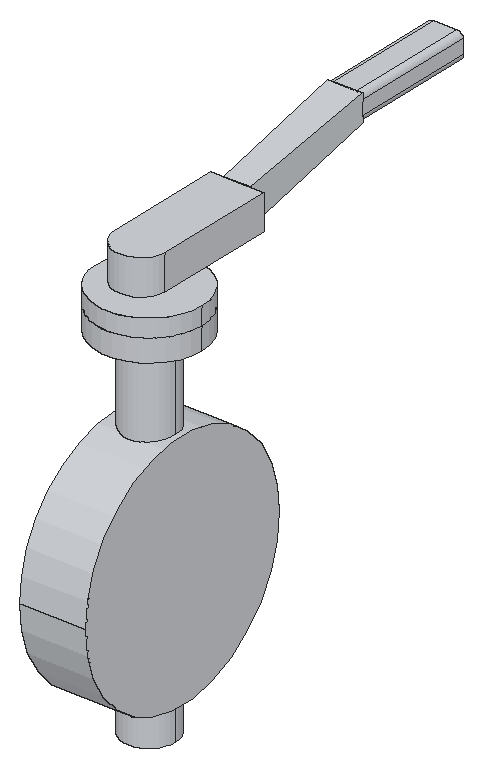
Revit family "HS497-68_disk-nerez_s pákou DN150-RFA_2019", category Pipe Accessories, Revit 2019
Family settings
  Round Connector Dimension = Use Diameter
  Part Type = Valve - Breaks Into
  Work Plane-Based = No
  Always vertical = Yes
  Cut with Voids When Loaded = No
  Shared = No
Parameters (values of type "HS 497-68_DN150_PN16_s pákou")
  magiProductId = "4d2835523fe84828bc50ff0a5a0dfb"
  magiProductFamilyId = "53cea81e6f374d17b8841d9c72ad77"
  magiPartTypeId = 305
  isMeasuringValve [instance] = no
  ang2D [instance] = 0.00°
  X11 = 61.456 mm
  X1 = 25.456 mm
  W2D = 1000 mm
  VersionID = "2.0/2017.9.26.1/ZETKAMA_497_001"
  Use Minimum Symbol Size [instance] = yes
  URL = "http://www.hydronic.cz"
  Type Comments = "mezipřírubová; nerezový disk; PN16; -10~+110°C (krátkodobě +120°C)"
  SW30 = no
  SW3 = no
  SW21 = no
  SW20 = yes
  SW2 = yes
  SW1 = no
  R = 75 mm
  QmdConnectorList = "301;D;302;D"
  Productdata [instance] = ""
  NC = 50 mm
  Manufacturer = "Hydronic Systems Prague s.r.o."
  MM20 = 25.456 mm
  MC Product Code = "121 150 (nerezový disk, s pákou; DN150; PN16, kvs1347)"
  M41 = 66 mm
  M4 = 44 mm
  LHL = 315 mm
  LHH3 = 3.75 mm
  LHH1 = 71.25 mm
  LH1 = 105 mm
  L4R__ve = -L4R  # -12.8 mm
  L4R = 12.8 mm
  L42__ve = -L42  # -96 mm
  L42 = 96 mm
  L41__ve = -L41  # -19.2 mm
  L41 = 19.2 mm
  L2D_Min = 3048 mm
  L2D = 216 mm
  L2 = 28 mm
  L1 = 44.8 mm
  L = 56 mm
  H = 33 mm
  G22 = 11.25 mm
  G2 = 22.5 mm
  G1 = 90 mm
  G = 90 mm
  F = 14 mm
  E44 = 31.25 mm
  E42 = 62.5 mm
  E4 = 125 mm
  E23 = 7.5 mm
  E22 = 30 mm
  E21 = 15 mm
  Description = "Mezipřírubová uzavírací klapka s pákou; nerezový disk, DN150; PN16; kvs1347"
  DR2 = 75 mm
  DR = 206 mm
  DD1 = 15.625 mm
  DD = 12.5 mm
  D = 150 mm
  CAT0 = yes
  B2__ve = -B2  # -58 mm
  B2 = 58 mm
  A2 = 19.3 mm
  A1 = 98.7 mm
Types (43, lengths in mm): name | magiProductId | X11 | X1 | Type Comments | SW30 | SW3 | SW20 | SW2 | SW1 | R | NC | Manufacturer | MM20 | MC Product Code | M41 | M4 | LHL | LHH3 | LHH1 | LH1 | L4R__ve | L4R | L42__ve | L42 | L41__ve | L41 | L2 | L1 | L | H | G | F | E44 | E42 | E4 | E23 | E22 | E21 | Description | DR2 | DR | DD1 | DD | D | B2__ve | B2 | A2 | A1
  HS 497-68_DN100_PN16_volné vřeteno | "65d1b245f4f142c78569c0602d5754" | 61.456 | 25.456 | "mezipřírubová; nerezový disk; PN16; -10~+110°C (krátkodobě +120°C)" | no | no | no | no | yes | 50 | 50 | "Hydronic Systems Prague s.r.o." | 25.456 | "124 100 (nerezový disk, s volným vřetenem; DN100; PN16, kvs512)" | 66 | 44 | 220 | 2.45 | 46.55 | 73.333 | -12.8 | 12.8 | -96 | 96 | -19.2 | 19.2 | 26 | 41.6 | 52 | 30 | 90 | 11 | 31.25 | 62.5 | 125 | 4.9 | 19.6 | 9.8 | "Mezipřírubová uzavírací klapka s volným vřetenem; nerezový disk, DN100; PN16; kvs512" | 50 | 147 | 15.625 | 12.5 | 100 | -56 | 56 | 16.5 | 98.5
  HS 497-68_DN100_PN16_převodové kolo | "11e91b807e674d428c8e796fcdcfe2" | 61.456 | 25.456 | "mezipřírubová; nerezový disk; PN16; -10~+110°C (krátkodobě +120°C)" | yes | yes | no | no | no | 50 | 50 | "Hydronic Systems Prague s.r.o." | 25.456 | "126 100 (nerezový disk, s převodovým kolem; DN100; PN16, kvs512)" | 65.25 | 43.5 | 220 | 2.45 | 46.55 | 73.333 | -12.8 | 12.8 | -96 | 96 | -19.2 | 19.2 | 26 | 41.6 | 52 | 30 | 90 | 11 | 31.25 | 62.5 | 125 | 4.9 | 19.6 | 9.8 | "Mezipřírubová uzavírací klapka s převodovým kolem; nerezový disk, DN100; PN16; kvs512" | 50 | 147 | 15.625 | 12.5 | 100 | -56 | 56 | 16.5 | 98.5
  HS 497-68_DN100_PN16_s pákou | "28172f0b3f4b47b28323ac71cf8749" | 61.456 | 25.456 | "mezipřírubová; nerezový disk; PN16; -10~+110°C (krátkodobě +120°C)" | no | no | yes | yes | no | 50 | 50 | "Hydronic Systems Prague s.r.o." | 25.456 | "121 100 (nerezový disk, s pákou; DN100; PN16, kvs512)" | 66 | 44 | 260 | 3 | 57 | 86.667 | -12.8 | 12.8 | -96 | 96 | -19.2 | 19.2 | 26 | 41.6 | 52 | 30 | 90 | 11 | 31.25 | 62.5 | 125 | 6 | 24 | 12 | "Mezipřírubová uzavírací klapka s pákou; nerezový disk, DN100; PN16; kvs512" | 50 | 147 | 15.625 | 12.5 | 100 | -56 | 56 | 16.5 | 98.5
  HS 497-68_DN125_PN16_volné vřeteno | "0d813d910fc14f628bb3c2efbd185c" | 61.456 | 25.456 | "mezipřírubová; nerezový disk; PN16; -10~+110°C (krátkodobě +120°C)" | no | no | no | no | yes | 62.5 | 50 | "Hydronic Systems Prague s.r.o." | 25.456 | "124 125 (nerezový disk, s volným vřetenem; DN125; PN16, kvs872)" | 66 | 44 | 220 | 2.45 | 46.55 | 73.333 | -12.8 | 12.8 | -96 | 96 | -19.2 | 19.2 | 28 | 44.8 | 56 | 33 | 90 | 14 | 31.25 | 62.5 | 125 | 4.9 | 19.6 | 9.8 | "Mezipřírubová uzavírací klapka s volným vřetenem; nerezový disk, DN125; PN16; kvs872" | 62.5 | 180 | 15.625 | 12.5 | 125 | -64 | 64 | 18 | 99.5
  HS 497-68_DN125_PN16_převodové kolo | "c56b7c13f372467684996fb1e0e229" | 61.456 | 25.456 | "mezipřírubová; nerezový disk; PN16; -10~+110°C (krátkodobě +120°C)" | yes | yes | no | no | no | 62.5 | 50 | "Hydronic Systems Prague s.r.o." | 25.456 | "126125 (nerezový disk, s převodovým kolem; DN125; PN16, kvs872)" | 65.25 | 43.5 | 220 | 2.45 | 46.55 | 73.333 | -13.5 | 13.5 | -101.25 | 101.25 | -20.25 | 20.25 | 28 | 44.8 | 56 | 33 | 90 | 14 | 40 | 80 | 160 | 4.9 | 19.6 | 9.8 | "Mezipřírubová uzavírací klapka s převodovým kolem; nerezový disk, DN125; PN16; kvs872" | 62.5 | 180 | 20 | 16 | 125 | -64 | 64 | 18 | 99.5
  HS 497-68_DN125_PN16_s pákou | "105993c79a91492399feef7931321a" | 61.456 | 25.456 | "mezipřírubová; nerezový disk; PN16; -10~+110°C (krátkodobě +120°C)" | no | no | yes | yes | no | 62.5 | 50 | "Hydronic Systems Prague s.r.o." | 25.456 | "121 125 (nerezový disk, s pákou; DN125; PN16, kvs872)" | 66 | 44 | 315 | 3.75 | 71.25 | 105 | -12.8 | 12.8 | -96 | 96 | -19.2 | 19.2 | 28 | 44.8 | 56 | 33 | 90 | 14 | 31.25 | 62.5 | 125 | 7.5 | 30 | 15 | "Mezipřírubová uzavírací klapka s pákou; nerezový disk, DN125; PN16; kvs872" | 62.5 | 180 | 15.625 | 12.5 | 125 | -64 | 64 | 18 | 99.5
  HS 497-68_DN150_PN16_volné vřeteno | "50c80cb8ab434f55ab7796e5ac1331" | 61.456 | 25.456 | "mezipřírubová; nerezový disk; PN16; -10~+110°C (krátkodobě +120°C)" | no | no | no | no | yes | 75 | 50 | "Hydronic Systems Prague s.r.o." | 25.456 | "124 150 (nerezový disk, s volným vřetenem; DN150; PN16, kvs1347)" | 66 | 44 | 220 | 2.45 | 46.55 | 73.333 | -12.8 | 12.8 | -96 | 96 | -19.2 | 19.2 | 28 | 44.8 | 56 | 33 | 90 | 14 | 31.25 | 62.5 | 125 | 4.9 | 19.6 | 9.8 | "Mezipřírubová uzavírací klapka s volným vřetenem; nerezový disk, DN150; PN16; kvs1347" | 75 | 206 | 15.625 | 12.5 | 150 | -58 | 58 | 19.3 | 98.7
  HS 497-68_DN150_PN16_převodové kolo | "d94a1a0cf83b476eb10011b327f709" | 61.456 | 25.456 | "mezipřírubová; nerezový disk; PN16; -10~+110°C (krátkodobě +120°C)" | yes | yes | no | no | no | 75 | 50 | "Hydronic Systems Prague s.r.o." | 25.456 | "126 150 (nerezový disk, s převodovým kolem; DN150; PN16, kvs1347)" | 65.25 | 43.5 | 220 | 2.45 | 46.55 | 73.333 | -13.5 | 13.5 | -101.25 | 101.25 | -20.25 | 20.25 | 28 | 44.8 | 56 | 33 | 90 | 14 | 40 | 80 | 160 | 4.9 | 19.6 | 9.8 | "Mezipřírubová uzavírací klapka s převodovým kolem; nerezový disk, DN150; PN16; kvs1347" | 75 | 206 | 20 | 16 | 150 | -58 | 58 | 19.3 | 98.7
  HS 497-68_DN150_PN16_s pákou | "4d2835523fe84828bc50ff0a5a0dfb" | 61.456 | 25.456 | "mezipřírubová; nerezový disk; PN16; -10~+110°C (krátkodobě +120°C)" | no | no | yes | yes | no | 75 | 50 | "Hydronic Systems Prague s.r.o." | 25.456 | "121 150 (nerezový disk, s pákou; DN150; PN16, kvs1347)" | 66 | 44 | 315 | 3.75 | 71.25 | 105 | -12.8 | 12.8 | -96 | 96 | -19.2 | 19.2 | 28 | 44.8 | 56 | 33 | 90 | 14 | 31.25 | 62.5 | 125 | 7.5 | 30 | 15 | "Mezipřírubová uzavírací klapka s pákou; nerezový disk, DN150; PN16; kvs1347" | 75 | 206 | 15.625 | 12.5 | 150 | -58 | 58 | 19.3 | 98.7
  HS 497-68_DN200_PN16_volné vřeteno | "5b29029eaeba47139ee1055a4b9201" | 61.456 | 25.456 | "mezipřírubová; nerezový disk; PN16; -10~+110°C (krátkodobě +120°C)" | no | no | no | no | yes | 100 | 50 | "Hydronic Systems Prague s.r.o." | 25.456 | "124 200 (nerezový disk, s volným vřetenem; DN200; PN16, kvs2675)" | 66 | 44 | 220 | 2.45 | 46.55 | 73.333 | -12.8 | 12.8 | -96 | 96 | -19.2 | 19.2 | 30 | 48 | 60 | 33 | 90 | 17 | 31.25 | 62.5 | 125 | 4.9 | 19.6 | 9.8 | "Mezipřírubová uzavírací klapka s volným vřetenem; nerezový disk, DN200; PN16; kvs2675" | 100 | 257 | 15.625 | 12.5 | 200 | -70 | 70 | 22.5 | 102.5
  HS 497-68_DN200_PN16_převodové kolo | "b2793cc1fcc44cf2a35062cd67c04f" | 61.456 | 25.456 | "mezipřírubová; nerezový disk; PN16; -10~+110°C (krátkodobě +120°C)" | yes | yes | no | no | no | 100 | 57 | "Hydronic Systems Prague s.r.o." | 25.456 | "126 200 (nerezový disk, s převodovým kolem; DN200; PN16, kvs2675)" | 78.75 | 52.5 | 220 | 2.45 | 46.55 | 73.333 | -15.2 | 15.2 | -114 | 114 | -22.8 | 22.8 | 30 | 48 | 60 | 33 | 90 | 17 | 50 | 100 | 200 | 4.9 | 19.6 | 9.8 | "Mezipřírubová uzavírací klapka s převodovým kolem; nerezový disk, DN200; PN16; kvs2675" | 100 | 257 | 25 | 20 | 200 | -70 | 70 | 22.5 | 102.5
  HS 497-68_DN200_PN16_s pákou | "f88d96c7af224537a51e72d7d8fffe" | 61.456 | 25.456 | "mezipřírubová; nerezový disk; PN16; -10~+110°C (krátkodobě +120°C)" | no | no | yes | yes | no | 100 | 50 | "Hydronic Systems Prague s.r.o." | 25.456 | "121 200 (nerezový disk, s pákou; DN200; PN16, kvs2675)" | 66 | 44 | 315 | 3.75 | 71.25 | 105 | -12.8 | 12.8 | -96 | 96 | -19.2 | 19.2 | 30 | 48 | 60 | 33 | 90 | 17 | 31.25 | 62.5 | 125 | 7.5 | 30 | 15 | "Mezipřírubová uzavírací klapka s pákou; nerezový disk, DN200; PN16; kvs2675" | 100 | 257 | 15.625 | 12.5 | 200 | -70 | 70 | 22.5 | 102.5
  HS 497-68_DN250_PN16_volné vřeteno | "b662e8305ca2402b9c510e66e6aa55" | 88.77 | 36.77 | "mezipřírubová; nerezový disk; PN16; -10~+110°C (krátkodobě +120°C)" | no | no | no | no | yes | 125 | 50 | "Hydronic Systems Prague s.r.o." | 36.77 | "124 250 (nerezový disk, s volným vřetenem; DN250; PN16, kvs4555)" | 66 | 44 | 220 | 2.45 | 46.55 | 73.333 | -12.8 | 12.8 | -96 | 96 | -19.2 | 19.2 | 34 | 54.4 | 68 | 23 | 130 | 22 | 31.25 | 62.5 | 125 | 4.9 | 19.6 | 9.8 | "Mezipřírubová uzavírací klapka s volným vřetenem; nerezový disk, DN250; PN16; kvs4555" | 125 | 324 | 15.625 | 12.5 | 250 | -85 | 85 | 28.25 | 129.25
  HS 497-68_DN250_PN16_převodové kolo | "5ee9016806664ddfaa2632711f295c" | 88.77 | 36.77 | "mezipřírubová; nerezový disk; PN16; -10~+110°C (krátkodobě +120°C)" | yes | yes | no | no | no | 125 | 70 | "Hydronic Systems Prague s.r.o." | 36.77 | "126 250 (nerezový disk, s převodovým kolem; DN250; PN16, kvs4555)" | 91.5 | 61 | 220 | 2.45 | 46.55 | 73.333 | -22.2 | 22.2 | -166.5 | 166.5 | -33.3 | 33.3 | 34 | 54.4 | 68 | 23 | 130 | 22 | 62.5 | 125 | 250 | 4.9 | 19.6 | 9.8 | "Mezipřírubová uzavírací klapka s převodovým kolem; nerezový disk, DN250; PN16; kvs4555" | 125 | 324 | 31.25 | 25 | 250 | -85 | 85 | 28.25 | 129.25
  HS 497-68_DN300_PN16_volné vřeteno | "e1886f51ff004380a649519258edf2" | 88.77 | 36.77 | "mezipřírubová; nerezový disk; PN16; -10~+110°C (krátkodobě +120°C)" | no | no | no | no | yes | 150 | 50 | "Hydronic Systems Prague s.r.o." | 36.77 | "124 300 (nerezový disk, s volným vřetenem; DN300; PN16, kvs7037)" | 66 | 44 | 220 | 2.45 | 46.55 | 73.333 | -12.8 | 12.8 | -96 | 96 | -19.2 | 19.2 | 39 | 62.4 | 78 | 23 | 130 | 22 | 31.25 | 62.5 | 125 | 4.9 | 19.6 | 9.8 | "Mezipřírubová uzavírací klapka s volným vřetenem; nerezový disk, DN300; PN16; kvs7037" | 150 | 376 | 15.625 | 12.5 | 300 | -90 | 90 | 30.8 | 127.2
  HS 497-68_DN300_PN16_převodové kolo | "6860f094f77d42088fbebc3c97f755" | 88.77 | 36.77 | "mezipřírubová; nerezový disk; PN16; -10~+110°C (krátkodobě +120°C)" | yes | yes | no | no | no | 150 | 70 | "Hydronic Systems Prague s.r.o." | 36.77 | "126 300 (nerezový disk, s převodovým kolem; DN300; PN16, kvs7037)" | 91.5 | 61 | 220 | 2.45 | 46.55 | 73.333 | -22.2 | 22.2 | -166.5 | 166.5 | -33.3 | 33.3 | 39 | 62.4 | 78 | 23 | 130 | 22 | 62.5 | 125 | 250 | 4.9 | 19.6 | 9.8 | "Mezipřírubová uzavírací klapka s převodovým kolem; nerezový disk, DN300; PN16; kvs7037" | 150 | 376 | 31.25 | 25 | 300 | -90 | 90 | 30.8 | 127.2
  HS 497-68_DN032_PN16_volné vřeteno | "8c5f65de52aa4067a77564107e31b2" | 61.456 | 25.456 | "mezipřírubová; nerezový disk; PN16; -10~+110°C (krátkodobě +120°C)" | no | no | no | no | yes | 16 | 50 | "Hydronic Systems Prague s.r.o." | 25.456 | "124 032 (nerezový disk, s volným vřetenem; DN32; PN16, kvs78)" | 66 | 44 | 220 | 2.45 | 46.55 | 73.333 | -12.8 | 12.8 | -96 | 96 | -19.2 | 19.2 | 16.5 | 26.4 | 33 | 30 | 90 | 11 | 31.25 | 62.5 | 125 | 4.9 | 19.6 | 9.8 | "Mezipřírubová uzavírací klapka s volným vřetenem; nerezový disk, DN32; PN16; kvs78" | 16 | 68 | 15.625 | 12.5 | 32 | -44.2 | 44.2 | 10.25 | 76.25
  HS 497-68_DN032_PN16_převodové kolo | "60aaeffa8b3a4e809ef000e4660060" | 61.456 | 25.456 | "mezipřírubová; nerezový disk; PN16; -10~+110°C (krátkodobě +120°C)" | yes | yes | no | no | no | 16 | 50 | "Hydronic Systems Prague s.r.o." | 25.456 | "126 032 (nerezový disk, s převodovým kolem; DN32; PN16, kvs78)" | 65.25 | 43.5 | 220 | 2.45 | 46.55 | 73.333 | -12.8 | 12.8 | -96 | 96 | -19.2 | 19.2 | 16.5 | 26.4 | 33 | 30 | 90 | 11 | 31.25 | 62.5 | 125 | 4.9 | 19.6 | 9.8 | "Mezipřírubová uzavírací klapka s převodovým kolem; nerezový disk, DN32; PN16; kvs78" | 16 | 68 | 15.625 | 12.5 | 32 | -44.2 | 44.2 | 10.25 | 76.25
  HS 497-68_DN032_PN16_s pákou | "9ad8088d610749a1b871aa2aad8007" | 61.456 | 25.456 | "mezipřírubová; nerezový disk; PN16; -10~+110°C (krátkodobě +120°C)" | no | no | yes | yes | no | 16 | 50 | "Hydronic Systems Prague s.r.o." | 25.456 | "121 032 (nerezový disk, s pákou; DN32; PN16, kvs78)" | 66 | 44 | 220 | 2.45 | 46.55 | 73.333 | -12.8 | 12.8 | -96 | 96 | -19.2 | 19.2 | 16.5 | 26.4 | 33 | 30 | 90 | 11 | 31.25 | 62.5 | 125 | 4.9 | 19.6 | 9.8 | "Mezipřírubová uzavírací klapka s pákou; nerezový disk, DN32; PN16; kvs78" | 16 | 68 | 15.625 | 12.5 | 32 | -44.2 | 44.2 | 10.25 | 76.25
  HS 497-68_DN350_PN10_volné vřeteno | "72a1e05f22944421b7e9596a877137" | 109.255 | 45.255 | "mezipřírubová; nerezový disk; PN10; -10~+110°C (krátkodobě +120°C)" | no | no | no | no | yes | 175 | 50 | "Hydronic Systems Prague s.r.o." | 45.255 | "124 350 (nerezový disk, s volným vřetenem; DN350; PN10, kvs10165)" | 66 | 44 | 220 | 2.45 | 46.55 | 73.333 | -12.8 | 12.8 | -96 | 96 | -19.2 | 19.2 | 39 | 62.4 | 78 | 31 | 160 | 22 | 31.25 | 62.5 | 125 | 4.9 | 19.6 | 9.8 | "Mezipřírubová uzavírací klapka s volným vřetenem; nerezový disk, DN350; PN10; kvs10165" | 175 | 430 | 15.625 | 12.5 | 350 | -88 | 88 | 33.85 | 129.65
  HS 497-68_DN350_PN10_převodové kolo | "a5a01426cb28494ba3afca92f1dace" | 109.255 | 45.255 | "mezipřírubová; nerezový disk; PN10; -10~+110°C (krátkodobě +120°C)" | yes | yes | no | no | no | 175 | 70 | "Hydronic Systems Prague s.r.o." | 45.255 | "126 350 (nerezový disk, s převodovým kolem; DN350; PN10, kvs10165)" | 91.5 | 61 | 220 | 2.45 | 46.55 | 73.333 | -22.2 | 22.2 | -166.5 | 166.5 | -33.3 | 33.3 | 39 | 62.4 | 78 | 31 | 160 | 22 | 62.5 | 125 | 250 | 4.9 | 19.6 | 9.8 | "Mezipřírubová uzavírací klapka s převodovým kolem; nerezový disk, DN350; PN10; kvs10165" | 175 | 430 | 31.25 | 25 | 350 | -88 | 88 | 33.85 | 129.65
  HS 497-68_DN400_PN10_volné vřeteno | "c70ebeb927c04ab99b176e257ad0a7" | 109.255 | 45.255 | "mezipřírubová; nerezový disk; PN10; -10~+110°C (krátkodobě +120°C)" | no | no | no | no | yes | 200 | 50 | "Hydronic Systems Prague s.r.o." | 45.255 | "124 400 (nerezový disk, s volným vřetenem; DN400; PN10, kvs13799)" | 66 | 44 | 220 | 2.45 | 46.55 | 73.333 | -12.8 | 12.8 | -96 | 96 | -19.2 | 19.2 | 51 | 81.6 | 102 | 31 | 160 | 27 | 31.25 | 62.5 | 125 | 4.9 | 19.6 | 9.8 | "Mezipřírubová uzavírací klapka s volným vřetenem; nerezový disk, DN400; PN10; kvs13799" | 200 | 485 | 15.625 | 12.5 | 400 | -108 | 108 | 38 | 142
  HS 497-68_DN400_PN10_převodové kolo | "cc64a4384dcb41b780d81810f4f293" | 109.255 | 45.255 | "mezipřírubová; nerezový disk; PN10; -10~+110°C (krátkodobě +120°C)" | yes | yes | no | no | no | 200 | 72.5 | "Hydronic Systems Prague s.r.o." | 45.255 | "126 400 (nerezový disk, s převodovým kolem; DN400; PN10, kvs13799)" | 103.5 | 69 | 220 | 2.45 | 46.55 | 73.333 | -27.8 | 27.8 | -208.5 | 208.5 | -41.7 | 41.7 | 51 | 81.6 | 102 | 31 | 160 | 27 | 75 | 150 | 300 | 4.9 | 19.6 | 9.8 | "Mezipřírubová uzavírací klapka s převodovým kolem; nerezový disk, DN400; PN10; kvs13799" | 200 | 485 | 37.5 | 30 | 400 | -108 | 108 | 38 | 142
  HS 497-68_DN040_PN16_volné vřeteno | "35f92312390745e88df5b5c325d9ee" | 61.456 | 25.456 | "mezipřírubová; nerezový disk; PN16; -10~+110°C (krátkodobě +120°C)" | no | no | no | no | yes | 20 | 50 | "Hydronic Systems Prague s.r.o." | 25.456 | "124 040 (nerezový disk, s volným vřetenem; DN40; PN16, kvs78)" | 66 | 44 | 220 | 2.45 | 46.55 | 73.333 | -12.8 | 12.8 | -96 | 96 | -19.2 | 19.2 | 16.5 | 26.4 | 33 | 30 | 90 | 11 | 31.25 | 62.5 | 125 | 4.9 | 19.6 | 9.8 | "Mezipřírubová uzavírací klapka s volným vřetenem; nerezový disk, DN40; PN16; kvs78" | 20 | 76 | 15.625 | 12.5 | 40 | -36 | 36 | 11 | 79
  HS 497-68_DN040_PN16_převodové kolo | "d88e968eae3445bc9b7b4e6ff35127" | 61.456 | 25.456 | "mezipřírubová; nerezový disk; PN16; -10~+110°C (krátkodobě +120°C)" | yes | yes | no | no | no | 20 | 50 | "Hydronic Systems Prague s.r.o." | 25.456 | "126 040 (nerezový disk, s převodovým kolem; DN40; PN16, kvs78)" | 65.25 | 43.5 | 220 | 2.45 | 46.55 | 73.333 | -12.8 | 12.8 | -96 | 96 | -19.2 | 19.2 | 16.5 | 26.4 | 33 | 30 | 90 | 11 | 31.25 | 62.5 | 125 | 4.9 | 19.6 | 9.8 | "Mezipřírubová uzavírací klapka s převodovým kolem; nerezový disk, DN40; PN16; kvs78" | 20 | 76 | 15.625 | 12.5 | 40 | -36 | 36 | 11 | 79
  HS 497-68_DN040_PN16_s pákou | "c1b522ca65b4407a98818f232eaacb" | 61.456 | 25.456 | "mezipřírubová; nerezový disk; PN16; -10~+110°C (krátkodobě +120°C)" | no | no | yes | yes | no | 20 | 50 | "Hydronic Systems Prague s.r.o." | 25.456 | "121 040 (nerezový disk, s pákou; DN40; PN16, kvs78)" | 66 | 44 | 220 | 2.45 | 46.55 | 73.333 | -12.8 | 12.8 | -96 | 96 | -19.2 | 19.2 | 16.5 | 26.4 | 33 | 30 | 90 | 11 | 31.25 | 62.5 | 125 | 4.9 | 19.6 | 9.8 | "Mezipřírubová uzavírací klapka s pákou; nerezový disk, DN40; PN16; kvs78" | 20 | 76 | 15.625 | 12.5 | 40 | -36 | 36 | 11 | 79
  HS 497-68_DN450_PN10_volné vřeteno | "a8358bc282f14872b3194e530e590a" | 129.74 | 53.74 | "mezipřírubová; nerezový disk; PN10; -10~+110°C (krátkodobě +120°C)" | no | no | no | no | yes | 225 | 50 | "Hydronic Systems Prague s.r.o." | 53.74 | "124 450 (nerezový disk, s volným vřetenem; DN450; PN10, kvs18514)" | 66 | 44 | 220 | 2.45 | 46.55 | 73.333 | -12.8 | 12.8 | -96 | 96 | -19.2 | 19.2 | 57 | 91.2 | 114 | 38 | 190 | 36 | 31.25 | 62.5 | 125 | 4.9 | 19.6 | 9.8 | "Mezipřírubová uzavírací klapka s volným vřetenem; nerezový, DN450; PN10; kvs18514" | 225 | 536 | 15.625 | 12.5 | 450 | -115 | 115 | 38.05 | 117.45
  HS 497-68_DN450_PN10_převodové kolo | "cdf2d80f54a9414f9cbe50647c0ebd" | 129.74 | 53.74 | "mezipřírubová; nerezový disk; PN10; -10~+110°C (krátkodobě +120°C)" | yes | yes | no | no | no | 225 | 91.5 | "Zetkama" | 53.74 | "126 450 (nerezový disk, s převodovým kolem; DN450; PN10, kvs18514)" | 144.75 | 96.5 | 220 | 2.45 | 46.55 | 73.333 | -32.1 | 32.1 | -240.75 | 240.75 | -48.15 | 48.15 | 57 | 91.2 | 114 | 38 | 190 | 36 | 100 | 200 | 400 | 4.9 | 19.6 | 9.8 | "Mezipřírubová uzavírací klapka s převodovým kolem; nerezový disk, DN450; PN10; kvs18514" | 225 | 536 | 50 | 40 | 450 | -115 | 115 | 38.05 | 117.45
  HS 497-68_DN500_PN10_volné vřeteno | "8c396e27bb2743f98f3c762b6517cd" | 143.397 | 59.397 | "mezipřírubová; nerezový disk; PN10; -10~+110°C (krátkodobě +120°C)" | no | no | no | no | yes | 250 | 50 | "Hydronic Systems Prague s.r.o." | 59.397 | "124 500 (nerezový disk, s volným vřetenem; DN500; PN10, kvs23805)" | 66 | 44 | 220 | 2.45 | 46.55 | 73.333 | -12.8 | 12.8 | -96 | 96 | -19.2 | 19.2 | 63.5 | 101.6 | 127 | 38 | 210 | 36 | 31.25 | 62.5 | 125 | 4.9 | 19.6 | 9.8 | "Mezipřírubová uzavírací klapka s volným vřetenem; nerezový disk, DN500; PN10; kvs23805" | 250 | 593 | 15.625 | 12.5 | 500 | -130 | 130 | 43.25 | 139.25
  HS 497-68_DN500_PN10_převodové kolo | "7647804f32e94cef828a7034a91a46" | 143.397 | 59.397 | "mezipřírubová; nerezový disk; PN10; -10~+110°C (krátkodobě +120°C)" | yes | yes | no | no | no | 250 | 91.5 | "Zetkama" | 59.397 | "126 500 (nerezový disk, s převodovým kolem; DN500; PN10, kvs23805)" | 144.75 | 96.5 | 220 | 2.45 | 46.55 | 73.333 | -32.1 | 32.1 | -240.75 | 240.75 | -48.15 | 48.15 | 63.5 | 101.6 | 127 | 38 | 210 | 36 | 100 | 200 | 400 | 4.9 | 19.6 | 9.8 | "Mezipřírubová uzavírací klapka s převodovým kolem; nerezový disk, DN500; PN10; kvs23805" | 250 | 593 | 50 | 40 | 500 | -130 | 130 | 43.25 | 139.25
  HS 497-68_DN050_volné vřeteno | "d71f296ecd6d4adf8f6e5d9853b4e0" | 61.456 | 25.456 | "mezipřírubová; nerezový disk; PN16; -10~+110°C (krátkodobě +120°C)" | no | no | no | no | yes | 25 | 50 | "Hydronic Systems Prague s.r.o." | 25.456 | "124 050 (nerezový disk, s volným vřetenem; DN50; PN16, kvs98)" | 66 | 44 | 220 | 2.45 | 46.55 | 73.333 | -12.8 | 12.8 | -96 | 96 | -19.2 | 19.2 | 21.5 | 34.4 | 43 | 30 | 90 | 11 | 31.25 | 62.5 | 125 | 4.9 | 19.6 | 9.8 | "Mezipřírubová uzavírací klapka s volným vřetenem; nerezový disk, DN50; PN16; kvs98" | 25 | 100 | 15.625 | 12.5 | 50 | -36.5 | 36.5 | 12 | 83
  HS 497-68_DN050_PN16_převodové kolo | "2fb080deeaed49c58418b94c1da5a4" | 61.456 | 25.456 | "mezipřírubová; nerezový disk; PN16; -10~+110°C (krátkodobě +120°C)" | yes | yes | no | no | no | 25 | 50 | "Hydronic Systems Prague s.r.o." | 25.456 | "126 050 (nerezový disk, s převodovým kolem; DN50; PN16, kvs98)" | 65.25 | 43.5 | 220 | 2.45 | 46.55 | 73.333 | -12.8 | 12.8 | -96 | 96 | -19.2 | 19.2 | 21.5 | 34.4 | 43 | 30 | 90 | 11 | 31.25 | 62.5 | 125 | 4.9 | 19.6 | 9.8 | "Mezipřírubová uzavírací klapka s převodovým kolem; nerezový disk, DN50; PN16; kvs98" | 25 | 100 | 15.625 | 12.5 | 50 | -36.5 | 36.5 | 12 | 83
  HS 497-68_DN050_PN16_s pákou | "dabc632061f94877a994b9b4e68112" | 61.456 | 25.456 | "mezipřírubová; nerezový disk; PN16; -10~+110°C (krátkodobě +120°C)" | no | no | yes | yes | no | 25 | 50 | "Hydronic Systems Prague s.r.o." | 25.456 | "121 050 (nerezový disk, s pákou; DN50; PN16, kvs98)" | 66 | 44 | 220 | 2.45 | 46.55 | 73.333 | -12.8 | 12.8 | -96 | 96 | -19.2 | 19.2 | 21.5 | 34.4 | 43 | 30 | 90 | 11 | 31.25 | 62.5 | 125 | 4.9 | 19.6 | 9.8 | "Mezipřírubová uzavírací klapka s pákou; nerezový disk, DN50; PN16; kvs98" | 25 | 100 | 15.625 | 12.5 | 50 | -36.5 | 36.5 | 12 | 83
  HS 497-68_DN600_PN10_volné vřeteno | "99d5892c14664fce81a7c5903f7711" | 143.397 | 59.397 | "mezipřírubová; nerezový disk; PN10; -10~+110°C (krátkodobě +120°C)" | no | no | no | no | yes | 300 | 50 | "Hydronic Systems Prague s.r.o." | 59.397 | "124 600 (nerezový disk, s volným vřetenem; DN600; PN10, kvs36778)" | 66 | 44 | 220 | 2.45 | 46.55 | 73.333 | -12.8 | 12.8 | -96 | 96 | -19.2 | 19.2 | 77 | 123.2 | 154 | 80 | 210 | 60 | 31.25 | 62.5 | 125 | 4.9 | 19.6 | 9.8 | "Mezipřírubová uzavírací klapka s volným vřetenem; nerezový disk, DN600; PN10; kvs36788" | 300 | 690 | 15.625 | 12.5 | 600 | -140 | 140 | 49.4 | 144.6
  HS 497-68_DN600_PN10_převodové kolo | "b1e26faab48a4c499f6bb11e7e3002" | 143.397 | 59.397 | "mezipřírubová; lnerezový disk; PN10; -10~+110°C (krátkodobě +120°C)" | yes | yes | no | no | no | 300 | 140 | "Hydronic Systems Prague s.r.o." | 59.397 | "126 600 (nerezový disk, s převodovým kolem; DN600; PN10, kvs36778)" | 206.25 | 137.5 | 220 | 2.45 | 46.55 | 73.333 | -40.8 | 40.8 | -306 | 306 | -61.2 | 61.2 | 77 | 123.2 | 154 | 80 | 210 | 60 | 125 | 250 | 500 | 4.9 | 19.6 | 9.8 | "Mezipřírubová uzavírací klapka s převodovým kolem; nerezový disk, DN600; PN10; kvs36788" | 300 | 690 | 62.5 | 50 | 600 | -140 | 140 | 49.4 | 144.6
  HS 497-68_DN065_PN16_volné vřeteno | "5e5e208646e34ec29f889baab5d08e" | 61.456 | 25.456 | "mezipřírubová; lnerezový disk; PN16; -10~+110°C (krátkodobě +120°C)" | no | no | no | no | yes | 32.5 | 50 | "Hydronic Systems Prague s.r.o." | 25.456 | "124 065 (nerezový disk, s volným vřetenem; DN65; PN16, kvs167)" | 66 | 44 | 220 | 2.45 | 46.55 | 73.333 | -12.8 | 12.8 | -96 | 96 | -19.2 | 19.2 | 23 | 36.8 | 46 | 30 | 90 | 11 | 31.25 | 62.5 | 125 | 4.9 | 19.6 | 9.8 | "Mezipřírubová uzavírací klapka s volným vřetenem; nerezový disk, DN65; PN16; kv167" | 32.5 | 108 | 15.625 | 12.5 | 65 | -36.5 | 36.5 | 13.5 | 89
  HS 497-68_DN065_PN16_převodové kolo | "654d74c8d15540b0bfe523d988ccb3" | 61.456 | 25.456 | "mezipřírubová; nerezový disk; PN16; -10~+110°C (krátkodobě +120°C)" | yes | yes | no | no | no | 32.5 | 50 | "Hydronic Systems Prague s.r.o." | 25.456 | "126 065 (nerezový disk, s převodovým kolem; DN65; PN16, kvs167)" | 65.25 | 43.5 | 220 | 2.45 | 46.55 | 73.333 | -12.8 | 12.8 | -96 | 96 | -19.2 | 19.2 | 23 | 36.8 | 46 | 30 | 90 | 11 | 31.25 | 62.5 | 125 | 4.9 | 19.6 | 9.8 | "Mezipřírubová uzavírací klapka s převodovým kolem; nerezový disk, DN65; PN16; kvs167" | 32.5 | 108 | 15.625 | 12.5 | 65 | -36.5 | 36.5 | 13.5 | 89
  HS 497-68_DN065_PN16_s pákou | "ebeb4b59db0641caaf6d6635ab37b9" | 61.456 | 25.456 | "mezipřírubová; nerezový disk; PN16; -10~+110°C (krátkodobě +120°C)" | no | no | yes | yes | no | 32.5 | 50 | "Hydronic Systems Prague s.r.o." | 25.456 | "121 065 (nerezový disk, s pákou; DN65; PN16, kvs167)" | 66 | 44 | 220 | 2.45 | 46.55 | 73.333 | -12.8 | 12.8 | -96 | 96 | -19.2 | 19.2 | 23 | 36.8 | 46 | 30 | 90 | 11 | 31.25 | 62.5 | 125 | 4.9 | 19.6 | 9.8 | "Mezipřírubová uzavírací klapka s pákou; nerezový disk, DN65; PN16; kvs167" | 32.5 | 108 | 15.625 | 12.5 | 65 | -36.5 | 36.5 | 13.5 | 89
  HS 497-68_DN080_PN16_volné vřeteno | "9e85c75c18654e1185a9c48ed6b00e" | 61.456 | 25.456 | "mezipřírubová; nerezový disk; PN16; -10~+110°C (krátkodobě +120°C)" | no | no | no | no | yes | 40 | 50 | "Hydronic Systems Prague s.r.o." | 25.456 | "124 080 (nerezový disk, s volným vřetenem; DN80; PN16, kvs258)" | 66 | 44 | 220 | 2.45 | 46.55 | 73.333 | -12.8 | 12.8 | -96 | 96 | -19.2 | 19.2 | 23 | 36.8 | 46 | 30 | 90 | 11 | 31.25 | 62.5 | 125 | 4.9 | 19.6 | 9.8 | "Mezipřírubová uzavírací klapka s volným vřetenem; nerezový disk, DN80; PN16; kvs258" | 40 | 124 | 15.625 | 12.5 | 80 | -54 | 54 | 14.1 | 86.9
  HS 497-68_DN080_PN16_převodové kolo | "5b3c8238c3d041e68c75b199e7ea46" | 61.456 | 25.456 | "mezipřírubová; nerezový disk; PN16; -10~+110°C (krátkodobě +120°C)" | yes | yes | no | no | no | 40 | 50 | "Hydronic Systems Prague s.r.o." | 25.456 | "126 080 (nerezový disk, s převodovým kolem; DN80; PN16, kvs258)" | 65.25 | 43.5 | 220 | 2.45 | 46.55 | 73.333 | -12.8 | 12.8 | -96 | 96 | -19.2 | 19.2 | 23 | 36.8 | 46 | 30 | 90 | 11 | 31.25 | 62.5 | 125 | 4.9 | 19.6 | 9.8 | "Mezipřírubová uzavírací klapka s převodovým kolem; nerezový disk, DN80; PN16; kvs258" | 40 | 124 | 15.625 | 12.5 | 80 | -54 | 54 | 14.1 | 86.9
  HS 497-68_DN080_PN16_s pákou | "e414795fab0f4eccb99bc3572c5477" | 61.456 | 25.456 | "mezipřírubová; nerezový disk; PN16; -10~+110°C (krátkodobě +120°C)" | no | no | yes | yes | no | 40 | 50 | "Hydronic Systems Prague s.r.o." | 25.456 | "121 080 (nerezový disk, s pákou; DN80; PN16, kvs258)" | 66 | 44 | 260 | 3 | 57 | 86.667 | -12.8 | 12.8 | -96 | 96 | -19.2 | 19.2 | 23 | 36.8 | 46 | 30 | 90 | 11 | 31.25 | 62.5 | 125 | 6 | 24 | 12 | "Mezipřírubová uzavírací klapka s pákou; nerezový disk, DN80; PN16; kvs258" | 40 | 124 | 15.625 | 12.5 | 80 | -54 | 54 | 14.1 | 86.9
  HS 497-68_DN250_PN16_s pákou | "" | 88.77 | 36.77 | "mezipřírubová; nerezový disk; PN16; -10~+110°C (krátkodobě +120°C)" | no | no | yes | yes | no | 125 | 70 | "Hydronic Systems Prague s.r.o." | 36.77 | "121 250 (nerezový disk, s ákou; DN250; PN16, kvs4555)" | 91.5 | 61 | 220 | 2.45 | 46.55 | 73.333 | -22.2 | 22.2 | -166.5 | 166.5 | -33.3 | 33.3 | 34 | 54.4 | 68 | 23 | 130 | 22 | 62.5 | 125 | 250 | 4.9 | 19.6 | 9.8 | "Mezipřírubová uzavírací klapka s pákou; nerezový disk, DN250; PN16; kvs4555" | 125 | 324 | 31.25 | 25 | 250 | -85 | 85 | 28.25 | 129.25
  HS 497-68_DN300_PN16_s pákou | "" | 88.77 | 36.77 | "mezipřírubová; nerezový disk; PN16; -10~+110°C (krátkodobě +120°C)" | no | no | yes | yes | no | 150 | 70 | "Hydronic Systems Prague s.r.o." | 36.77 | "121 300 (nerezový disk, s pákou; DN300; PN16, kvs7037)" | 91.5 | 61 | 220 | 2.45 | 46.55 | 73.333 | -22.2 | 22.2 | -166.5 | 166.5 | -33.3 | 33.3 | 39 | 62.4 | 78 | 23 | 130 | 22 | 62.5 | 125 | 250 | 4.9 | 19.6 | 9.8 | "Mezipřírubová uzavírací klapka s pákou; nerezový disk, DN300; PN16; kvs7037" | 150 | 376 | 31.25 | 25 | 300 | -90 | 90 | 30.8 | 127.2
Reference planes
  plane 1 "Center (Front/Back)": y = 0
  plane 2 "XYPLANE": z = 0
  plane 3 "Center (Left/Right)": x = 0
  plane 4 "473": x = -25.456
  plane 5 "472": x = -66
  plane 6 "471": y = -25.456
  plane 7 "470": y = 25.456
  plane 8 "469": x = -44
  plane 9 "468": y = -115.2
  plane 10 "467": y = -96
  plane 11 "466": z = 224.25
  plane 12 "465": z = 264.25
  plane 13 "464": y = 208.75
  plane 14 "463": z = 249.25
  plane 15 "462": z = 223
  plane 16 "461": z = 238
  plane 17 "460": y = 103.75
  plane 18 "459": x = -11.25
  plane 19 "458": x = 11.25
  plane 20 "457": y = -6.25
  plane 21 "456": x = -17.5
  plane 22 "455": x = 17.5
  plane 23 "454": z = 245.5
  plane 24 "453": y = 93.75
  plane 25 "452": y = -11.25
  plane 26 "451": x = -22.5
  plane 27 "450": x = 22.5
  plane 28 "449": z = 215.5
  plane 29 "448": z = 208
  plane 30 "447": z = -75
  plane 31 "446": z = 193
  plane 32 "445": z = 173.7
  plane 33 "444": z = 75
  plane 34 "443": x = 28
  plane 35 "442": x = -28
  plane 36 "441": z = 0
  plane 37 "440": y = 0
  plane 38 "439": x = 0
  plane 39 "438": z = 268
  plane 40 "437": z = 245.5
  plane 41 "436": x = 15
  plane 42 "435": x = -15
  plane 43 "434": y = 315
Forms (mm)
  Extrusion 1, solid, visible <- "SW3"
    sketch origin (-750, 0, 193) x (1, 0, 0) y (0, 1, 0)
      loop
        line (684, 25.456) -> (684, -25.456) -> (724.544, -25.456)
        arc (724.544, -25.456) -> (786, 0) -> (724.544, 25.456) r 36
        line (724.544, 25.456) -> (684, 25.456)
    from 0 to 62.5 <- "E42"
  Extrusion 2, solid, visible <- "SW30"
    sketch origin (0, -750, 0) x (0, 1, 0) y (0, 0, 1)
      loop
        circle (750, 224.25) r 7.813
    from 0 to 50 <- "NC"
  Extrusion 3, solid, visible <- "SW30"
    sketch origin (750, -115.2, 0) x (-1, 0, 0) y (0, 0, 1)
      loop
        circle (794, 224.25) r 62.5
    from 0 to -12.8 <- "L4R__ve"
  Extrusion 4, solid, visible <- "SW3"
    sketch origin (750, -96, 0) x (-1, 0, 0) y (0, 0, 1)
      loop
        circle (794, 224.25) r 7.813
    from 0 to -19.2 <- "L41__ve"
  Extrusion 5, solid, visible <- "SW30"
    sketch origin (750, 0, 0) x (-1, 0, 0) y (0, 0, 1)
      loop
        circle (794, 224.25) r 6.25
    from 0 to -96 <- "L42__ve"
  Blend 6, solid, visible <- "SW21"
    base sketch origin (750, 103.75, 0) x (-1, 0, 0) y (0, 0, 1)
      loop
        line (761.25, 238) -> (738.75, 238) -> (738.75, 223) -> (761.25, 223) -> (761.25, 238)
    top sketch origin (750, 103.75, 0) x (-1, 0, 0) y (0, 0, 1)
      loop
        line (761.25, 264.25) -> (738.75, 264.25) -> (738.75, 249.25) -> (761.25, 249.25) -> (761.25, 264.25)
    from 0 to 105
  Blend 7, solid, visible <- "SW21"
    base sketch origin (750, 93.75, 0) x (-1, 0, 0) y (0, 0, 1)
      loop
        line (761.25, 245.5) -> (738.75, 245.5) -> (738.75, 215.5) -> (761.25, 215.5) -> (761.25, 245.5)
    top sketch origin (750, 93.75, 0) x (-1, 0, 0) y (0, 0, 1)
      loop
        line (761.25, 238) -> (738.75, 238) -> (738.75, 223) -> (761.25, 223) -> (761.25, 238)
    from 0 to 10
  Blend 8, solid, visible <- "SW21"
    base sketch origin (-750, 0, 215.5) x (1, 0, 0) y (0, 1, 0)
      loop
        line (772.5, 93.75) -> (727.5, 93.75) -> (727.5, -11.25)
        arc (727.5, -11.25) -> (750, -31.25) -> (772.5, -11.25) r 22.656
        line (772.5, -11.25) -> (772.5, 93.75)
    top sketch origin (-750, 0, 215.5) x (1, 0, 0) y (0, 1, 0)
      loop
        line (767.5, 93.75) -> (732.5, 93.75) -> (732.5, -6.25)
        arc (732.5, -6.25) -> (750, -26.25) -> (767.5, -6.25) r 17.656
        line (767.5, -6.25) -> (767.5, 93.75)
    from 0 to 30
  Extrusion 9, solid, visible <- "SW2"
    sketch origin (-750, 0, 208) x (1, 0, 0) y (0, 1, 0)
      loop
        circle (750, 0) r 11.25
    from 0 to 7.5 <- "E23"
  Extrusion 10, solid, visible <- "SW2"
    sketch origin (-750, 0, 193) x (1, 0, 0) y (0, 1, 0)
      loop
        circle (750, 0) r 45
    from 0 to 15 <- "E21"
  Extrusion 11, solid, visible <- "CAT0"
    sketch origin (-750, 0, -75) x (1, 0, 0) y (0, 1, 0)
      loop
        circle (750, 0) r 22.4
    from 0 to -58 <- "B2__ve"
  Extrusion 12, solid, visible <- "CAT0"
    sketch origin (-750, 0, 173.7) x (1, 0, 0) y (0, 1, 0)
      loop
        circle (750, 0) r 45
    from 0 to 19.3 <- "A2"
  Extrusion 13, solid, visible <- "CAT0"
    sketch origin (-750, 0, 75) x (1, 0, 0) y (0, 1, 0)
      loop
        circle (750, 0) r 22.4
    from 0 to 98.7 <- "A1"
  Extrusion 14, solid, visible <- "CAT0"
    sketch origin (-28, -750, 0) x (0, 1, 0) y (0, 0, 1)
      loop
        circle (750, 0) r 103
    from 0 to 56 <- "L"
  Extrusion 15, solid, visible <- "SW1"
    sketch origin (-750, 0, 193) x (1, 0, 0) y (0, 1, 0)
      loop
        line (757, 7) -> (743, 7) -> (743, -7) -> (757, -7) -> (757, 7)
    from 0 to 33 <- "H"
  Blend 16, solid, visible <- "SW2"
    base sketch origin (750, 208.75, 0) x (-1, 0, 0) y (0, 0, 1)
      loop
        arc (765, 263) -> (763.536, 266.536) -> (760, 268) r 5
        line (760, 268) -> (740, 268)
        arc (740, 268) -> (736.464, 266.536) -> (735, 263) r 5
        line (735, 263) -> (735, 250.5)
        arc (735, 250.5) -> (736.464, 246.964) -> (740, 245.5) r 5
        line (740, 245.5) -> (760, 245.5)
        arc (760, 245.5) -> (763.536, 246.964) -> (765, 250.5) r 5
        line (765, 250.5) -> (765, 263)
    top sketch origin (750, 208.75, 0) x (-1, 0, 0) y (0, 0, 1)
      loop
        arc (765, 263) -> (763.536, 266.536) -> (760, 268) r 5
        line (760, 268) -> (740, 268)
        arc (740, 268) -> (736.464, 266.536) -> (735, 263) r 5
        line (735, 263) -> (735, 250.5)
        arc (735, 250.5) -> (736.464, 246.964) -> (740, 245.5) r 5
        line (740, 245.5) -> (760, 245.5)
        arc (760, 245.5) -> (763.536, 246.964) -> (765, 250.5) r 5
        line (765, 250.5) -> (765, 263)
    from 0 to 106.25
  Blend 17, solid, visible <- "SW20"
    base sketch origin (750, 208.75, 0) x (-1, 0, 0) y (0, 0, 1)
      loop
        line (765, 268) -> (735, 268) -> (735, 245.5) -> (765, 245.5) -> (765, 268)
    top sketch origin (750, 208.75, 0) x (-1, 0, 0) y (0, 0, 1)
      loop
        line (761.25, 245.5) -> (738.75, 245.5) -> (738.75, 215.5) -> (761.25, 215.5) -> (761.25, 245.5)
    from 0 to -115
  Extrusion 18, solid, visible <- "SW20"
    sketch origin (-750, 0, 215.5) x (1, 0, 0) y (0, 1, 0)
      loop
        line (772.5, 93.75) -> (727.5, 93.75) -> (727.5, -11.25)
        arc (727.5, -11.25) -> (750, -31.25) -> (772.5, -11.25) r 22.656
        line (772.5, -11.25) -> (772.5, 93.75)
    from 0 to 30 <- "E22"
  Extrusion 19, solid, not visible
    sketch origin (-28, -750, 0) x (0, 1, 0) y (0, 0, 1)
      loop
        circle (750, 0) r 10
    from 0 to 10
  Extrusion 20, solid, not visible
    sketch origin (28, -750, 0) x (0, 1, 0) y (0, 0, 1)
      loop
        circle (750, 0) r 10
    from 0 to -10
Lines and regions (mm)
  reference lines, not visible
    curve 1: circle (2, 2, 0) r 1 normal (0, 0, 1)
  reference lines
    curve 2: line (-25.456, -25.456, 193) -> (-25.456, 25.456, 193)
    curve 3: line (-17.5, -6.25, 215.5) -> (17.5, -6.25, 215.5)
    curve 4: line (-22.5, -11.25, 215.5) -> (22.5, -11.25, 215.5)
    curve 5: circle (0, 0, 193) r 1 normal (0, 0, 1)
    curve 6: line (-22.5, -11.25, 215.5) -> (22.5, -11.25, 215.5)
Dimensions and locks
  plane 1 "Center (Front/Back)" to curve 1 = 2 mm
  "X1": plane 3 "Center (Left/Right)" to plane 4 "473"
  "M41": plane 3 "Center (Left/Right)" to plane 5 "472"
  "MM20": plane 1 "Center (Front/Back)" to plane 6 "471"
  "MM20": plane 1 "Center (Front/Back)" to plane 7 "470"
  "M4": plane 3 "Center (Left/Right)" to plane 8 "469"
  "L41": plane 10 "467" to plane 9 "468"
  "L42": plane 1 "Center (Front/Back)" to plane 10 "467"
  "E44": plane 31 "446" to plane 11 "466"
  "LHH1": plane 31 "446" to plane 12 "465"
  "LH1": plane 17 "460" to plane 13 "464"
  "E21": plane 12 "465" to plane 14 "463"
  "E21": plane 16 "461" to plane 15 "462"
  "E23": plane 23 "454" to plane 16 "461"
  locked: plane 24 "453" to plane 17 "460" at 10
  "G22": plane 3 "Center (Left/Right)" to plane 18 "459"
  "G22": plane 3 "Center (Left/Right)" to plane 19 "458"
  locked: plane 25 "452" to plane 20 "457" at 5
  locked: plane 26 "451" to plane 21 "456" at 5
  locked: plane 27 "450" to plane 22 "455" at 5
  "E22": plane 28 "449" to plane 23 "454"
  "LH1": plane 25 "452" to plane 24 "453"
  "G22": plane 1 "Center (Front/Back)" to plane 25 "452"
  "G2": plane 3 "Center (Left/Right)" to plane 26 "451"
  "G2": plane 3 "Center (Left/Right)" to plane 27 "450"
  "E23": plane 29 "448" to plane 28 "449"
  "E21": plane 31 "446" to plane 29 "448"
  "R": plane 2 "XYPLANE" to plane 30 "447"
  "A2": plane 32 "445" to plane 31 "446"
  "A1": plane 33 "444" to plane 32 "445"
  "DR2": plane 2 "XYPLANE" to plane 33 "444"
  "L2": plane 3 "Center (Left/Right)" to plane 34 "443"
  "L2": plane 3 "Center (Left/Right)" to plane 35 "442"
  locked: plane 2 "XYPLANE" to plane 36 "441"
  locked: plane 1 "Center (Front/Back)" to plane 37 "440"
  locked: plane 3 "Center (Left/Right)" to plane 38 "439"
  "LHH3": plane 12 "465" to plane 39 "438"
  "LHH3": plane 14 "463" to plane 40 "437"
  "LHH3": plane 19 "458" to plane 41 "436"
  "LHH3": plane 18 "459" to plane 42 "435"
  "LHL": plane 1 "Center (Front/Back)" to plane 43 "434"
  "X11": curve 2 to Extrusion 1 sketch curve
  Extrusion 1 sketch curve to Extrusion 1 sketch curve = 0 mm  (x8)
  Blend 6 sketch curve to Blend 6 sketch curve = 0 mm  (x16)
  Blend 7 sketch curve to Blend 7 sketch curve = 0 mm  (x16)
  Blend 8 sketch curve to Blend 8 sketch curve = 0 mm  (x16)
  equal spacing: Extrusion 15 sketch curve, curve 5, Extrusion 15 sketch curve  (x2)
  "F": Extrusion 15 sketch curve to Extrusion 15 sketch curve  (x2)
  Blend 16 sketch curve to Blend 16 sketch curve = 0 mm  (x32)
  Blend 17 sketch curve to Blend 17 sketch curve = 0 mm  (x16)
  Extrusion 18 sketch curve to Extrusion 18 sketch curve = 0 mm  (x8)
  "DD1": diameter of Extrusion 2 sketch curve
  "E4": diameter of Extrusion 3 sketch curve
  "DD1": diameter of Extrusion 4 sketch curve
  "DD": diameter of Extrusion 5 sketch curve
  "G2": diameter of Extrusion 9 sketch curve
  "G1": diameter of Extrusion 10 sketch curve
  "L1": diameter of Extrusion 11 sketch curve
  "G": diameter of Extrusion 12 sketch curve
  "L1": diameter of Extrusion 13 sketch curve
  "DR": diameter of Extrusion 14 sketch curve
  radius of Blend 16 sketch curve = 5 mm  (x8)
  aligned and locked: level to plane 2 "XYPLANE"
  aligned and locked: Extrusion 1 sketch curve to plane 5 "472"
  aligned and locked: plane 7 "470" to Extrusion 1 sketch curve
  aligned and locked: plane 6 "471" to Extrusion 1 sketch curve
  aligned and locked: plane 5 "472" to Extrusion 1 sketch curve
  aligned and locked: plane 4 "473" to Extrusion 1 sketch curve  (x2)
  aligned and locked: plane 4 "473" to curve 2
  aligned and locked: plane 6 "471" to curve 2
  aligned and locked: plane 7 "470" to curve 2
  aligned and locked: Extrusion 1 sketch curve to plane 7 "470"
  aligned and locked: plane 11 "466" to Extrusion 2 sketch curve
  aligned and locked: plane 37 "440" to Extrusion 2 sketch curve
  aligned and locked: plane 8 "469" to Extrusion 3 sketch curve
  aligned and locked: plane 11 "466" to Extrusion 3 sketch curve
  aligned and locked: plane 8 "469" to Extrusion 4 sketch curve
  aligned and locked: plane 11 "466" to Extrusion 4 sketch curve
  aligned and locked: plane 8 "469" to Extrusion 5 sketch curve
  aligned and locked: plane 11 "466" to Extrusion 5 sketch curve
  aligned and locked: plane 12 "465" to Blend 6 sketch curve  (x2)
  aligned and locked: plane 18 "459" to Blend 6 sketch curve  (x4)
  aligned and locked: plane 19 "458" to Blend 6 sketch curve  (x4)
  aligned and locked: plane 14 "463" to Blend 6 sketch curve  (x2)
  aligned and locked: plane 16 "461" to Blend 6 sketch curve  (x2)
  aligned and locked: plane 15 "462" to Blend 6 sketch curve  (x2)
  aligned and locked: plane 13 "464" to Blend 6
  aligned and locked: plane 16 "461" to Blend 7 sketch curve  (x2)
  aligned and locked: plane 18 "459" to Blend 7 sketch curve  (x4)
  aligned and locked: plane 19 "458" to Blend 7 sketch curve  (x4)
  aligned and locked: plane 15 "462" to Blend 7 sketch curve  (x2)
  aligned and locked: plane 23 "454" to Blend 7 sketch curve  (x2)
  aligned and locked: plane 28 "449" to Blend 7 sketch curve  (x2)
  aligned and locked: plane 17 "460" to Blend 7
  aligned and locked: plane 24 "453" to Blend 8 sketch curve  (x4)
  aligned and locked: plane 22 "455" to Blend 8 sketch curve  (x2)
  aligned and locked: plane 21 "456" to Blend 8 sketch curve
  aligned and locked: plane 20 "457" to Blend 8 sketch curve  (x2)
  aligned and locked: curve 3 to plane 20 "457"
  aligned and locked: plane 21 "456" to curve 3
  aligned and locked: plane 22 "455" to curve 3
  aligned and locked: plane 27 "450" to Blend 8 sketch curve  (x2)
  aligned and locked: plane 26 "451" to Blend 8 sketch curve
  aligned and locked: plane 25 "452" to Blend 8 sketch curve  (x2)
  aligned and locked: curve 4 to plane 25 "452"
  aligned and locked: plane 26 "451" to curve 4
  aligned and locked: plane 27 "450" to curve 4
  aligned and locked: plane 23 "454" to Blend 8
  aligned and locked: plane 37 "440" to Extrusion 9 sketch curve
  aligned and locked: plane 38 "439" to Extrusion 9 sketch curve
  aligned and locked: plane 37 "440" to Extrusion 10 sketch curve
  aligned and locked: plane 38 "439" to Extrusion 10 sketch curve
  aligned and locked: plane 37 "440" to Extrusion 11 sketch curve
  aligned and locked: plane 38 "439" to Extrusion 11 sketch curve
  aligned and locked: plane 37 "440" to Extrusion 12 sketch curve
  aligned and locked: plane 38 "439" to Extrusion 12 sketch curve
  aligned and locked: plane 37 "440" to Extrusion 13 sketch curve
  aligned and locked: plane 38 "439" to Extrusion 13 sketch curve
  aligned and locked: plane 36 "441" to Extrusion 14 sketch curve
  aligned and locked: Extrusion 14 sketch curve to plane 37 "440"
  aligned and locked: plane 37 "440" to curve 5
  aligned and locked: plane 38 "439" to curve 5
  aligned and locked: plane 39 "438" to Blend 16 sketch curve  (x2)
  aligned and locked: plane 41 "436" to Blend 16 sketch curve  (x2)
  aligned and locked: Blend 16 sketch curve to plane 40 "437"  (x2)
  aligned and locked: Blend 16 sketch curve to plane 42 "435"  (x2)
  aligned and locked: plane 43 "434" to Blend 16
  aligned and locked: plane 23 "454" to Blend 17 sketch curve  (x2)
  aligned and locked: plane 18 "459" to Blend 17 sketch curve  (x2)
  aligned and locked: plane 19 "458" to Blend 17 sketch curve  (x2)
  aligned and locked: plane 28 "449" to Blend 17 sketch curve  (x2)
  aligned and locked: plane 39 "438" to Blend 17 sketch curve  (x2)
  aligned and locked: plane 42 "435" to Blend 17 sketch curve  (x2)
  aligned and locked: plane 41 "436" to Blend 17 sketch curve  (x2)
  aligned and locked: plane 40 "437" to Blend 17 sketch curve  (x2)
  aligned and locked: Blend 17 to plane 24 "453"
  aligned and locked: plane 24 "453" to Extrusion 18 sketch curve  (x2)
  aligned and locked: plane 27 "450" to Extrusion 18 sketch curve  (x2)
  aligned and locked: plane 26 "451" to Extrusion 18 sketch curve
  aligned and locked: plane 25 "452" to Extrusion 18 sketch curve  (x2)
  aligned and locked: curve 6 to plane 25 "452"
  aligned and locked: plane 26 "451" to curve 6
  aligned and locked: plane 27 "450" to curve 6
  aligned and locked: plane 36 "441" to Extrusion 19 sketch curve
  aligned and locked: Extrusion 19 sketch curve to plane 37 "440"
  aligned and locked: plane 36 "441" to Extrusion 20 sketch curve
  aligned and locked: Extrusion 20 sketch curve to plane 37 "440"
Automatic sketch dimensions
  Blend 8 sketch curve to plane 20 "457" = 2.344 mm  (x2)
  Extrusion 18 sketch curve to plane 20 "457" = 2.344 mm
  plane 25 "452" to Extrusion 19 sketch curve = 1.25 mm
  plane 25 "452" to Extrusion 20 sketch curve = 1.25 mm
  plane 3 "Center (Left/Right)" to curve 1 = 2 mm
  Extrusion 15 sketch curve to plane 3 "Center (Left/Right)" = 7 mm
  Extrusion 15 sketch curve to plane 20 "457" = 0.75 mm
  radius of curve 5 = 1 mm
  radius of curve 1 = 1 mm
Connectors
  piping at (-28, 0, 0), diameter 150, driven by "D"
    settings: on Extrusion 19, index 1, connector inside diameter 609.6 mm, connector length 0 mm, flow factor 0, pipe flow 0.0 L/s, pressure drop 0.0 Pa, fitting loss kfactor 0, connector angle 0.00°, fixture units 0, engagement length 0 mm, angle of deflection 0.00°, flow configuration 0, flow direction 0, fitting loss method 0, system type 29, joint type 0, gender type 0, connector reference index 2, connector utility 0, adjustable connector no, is connector primary yes, connector description ""
  piping at (28, 0, 0), diameter 150, driven by "D"
    settings: on Extrusion 20, index 2, connector inside diameter 609.6 mm, connector length 0 mm, flow factor 0, pipe flow 0.0 L/s, pressure drop 0.0 Pa, fitting loss kfactor 0, connector angle 0.00°, fixture units 0, engagement length 0 mm, angle of deflection 0.00°, flow configuration 0, flow direction 0, fitting loss method 0, system type 29, joint type 0, gender type 0, connector reference index 1, connector utility 0, adjustable connector no, is connector primary no, connector description ""
